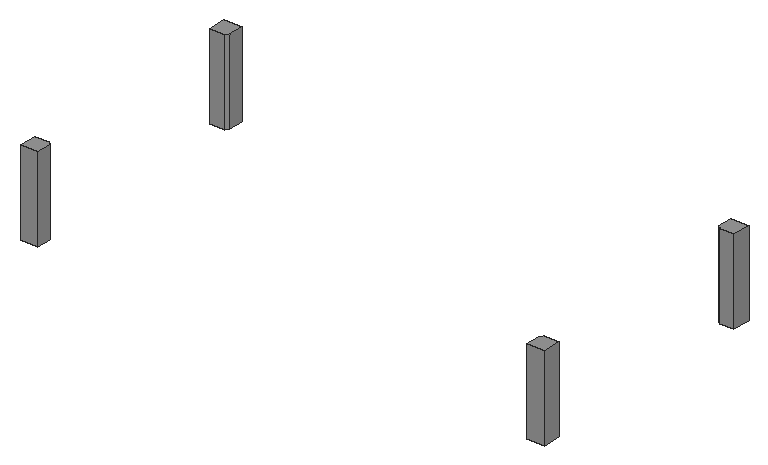
Revit family "Andreu World_Sistema SP_BM7217", category Mobiliario, Revit 2014
Parameters (values of type "BM-7217 H300 Beech")
  URL = "http://www.andreuworld.com/"
  Top Width = 900 mm
  Top Length = 1850 mm
  Referencia = "BM-7217"
  Modelo = "Sistema SP"
  Legs Height = 300 mm
  Legs = Andreu World SP
  Fabricante = "Andreu World"
  Descripción = "Table Legs."
Reference planes
  plane 1 "Centro (Frontal/Posterior)": y = 0
  plane 2: z = 0
  plane 3 "Centro (Izquierda/Derecha)": x = 0
  plane 4: x = -925
  plane 5: y = 450
  plane 6: x = 925
  plane 7: y = -450
  plane 8: z = 300
Forms (mm)
  Extrusion 1, solid, material "Andreu World SP" <- "Legs", detail levels medium+fine
    sketch origin (0, 0, 0) x (1, 0, 0) y (0, 1, 0)
      loop
        line (-925, 450) -> (-925, 388) -> (-873, 388) -> (-863, 398) -> (-863, 450) -> (-925, 450)
    from 0 to 300
  Extrusion 2, solid, material "Andreu World SP" <- "Legs", detail levels medium+fine
    sketch origin (-85, -110, 0) x (-1, 0, 0) y (0, -1, 0)
      loop
        line (-1010, -560) -> (-948, -560) -> (-948, -508) -> (-958, -498) -> (-1010, -498) -> (-1010, -560)
    from 0 to 300
  Extrusion 3, solid, material "Andreu World SP" <- "Legs", detail levels medium+fine
    sketch origin (50, 35, 0) x (1, 0, 0) y (0, 1, 0)
      loop
        line (-975, -485) -> (-913, -485) -> (-913, -433) -> (-923, -423) -> (-975, -423) -> (-975, -485)
    from 0 to 300
  Extrusion 4, solid, material "Andreu World SP" <- "Legs", detail levels medium+fine
    sketch origin (-150, 155, 0) x (-1, 0, 0) y (0, -1, 0)
      loop
        line (-1075, 605) -> (-1075, 543) -> (-1023, 543) -> (-1013, 553) -> (-1013, 605) -> (-1075, 605)
    from 0 to 300
Lines and regions (mm)
  model lines, detail levels coarse+medium
    curve 1: line (-863, 450, 0) -> (-925, 450, 0)
    curve 2: line (-925, 450, 0) -> (-925, 388, 0)
    curve 3: line (-925, 388, 0) -> (-873, 388, 0)
    curve 4: line (-873, 388, 0) -> (-863, 398, 0)
    curve 5: line (-863, 398, 0) -> (-863, 450, 0)
    curve 6: line (-873, -388, 0) -> (-925, -388, 0)
    curve 7: line (-863, -398, 0) -> (-873, -388, 0)
    curve 8: line (-863, -450, 0) -> (-863, -398, 0)
    curve 9: line (-925, -450, 0) -> (-863, -450, 0)
    curve 10: line (-925, -388, 0) -> (-925, -450, 0)
    curve 11: line (925, -450, 0) -> (925, -388, 0)
    curve 12: line (863, -450, 0) -> (925, -450, 0)
    curve 13: line (863, -398, 0) -> (863, -450, 0)
    curve 14: line (873, -388, 0) -> (863, -398, 0)
    curve 15: line (925, -388, 0) -> (873, -388, 0)
    curve 16: line (925, 450, 0) -> (863, 450, 0)
    curve 17: line (925, 388, 0) -> (925, 450, 0)
    curve 18: line (873, 388, 0) -> (925, 388, 0)
    curve 19: line (863, 398, 0) -> (873, 388, 0)
    curve 20: line (863, 450, 0) -> (863, 398, 0)
Dimensions and locks
  "Top Width": plane 5 to plane 7
  equal spacing: plane 5, plane 1 "Centro (Frontal/Posterior)", plane 7
  "Top Length": plane 4 to plane 6
  equal spacing: plane 4, plane 3 "Centro (Izquierda/Derecha)", plane 6
  locked: Extrusion 1 sketch curve to Extrusion 1 sketch curve at 62  (x2)
  locked: Extrusion 1 sketch curve to Extrusion 1 sketch curve at 10  (x2)
  "Legs Height": plane 8 to level
  locked: Extrusion 2 sketch curve to Extrusion 2 sketch curve at 62  (x2)
  locked: Extrusion 2 sketch curve to Extrusion 2 sketch curve at 10  (x2)
  locked: Extrusion 3 sketch curve to Extrusion 3 sketch curve at 62  (x2)
  locked: Extrusion 3 sketch curve to Extrusion 3 sketch curve at 10  (x2)
  locked: Extrusion 4 sketch curve to Extrusion 4 sketch curve at 62  (x2)
  locked: Extrusion 4 sketch curve to Extrusion 4 sketch curve at 10  (x2)
  aligned and locked: level to plane 2
  aligned and locked: Extrusion 1 sketch curve to plane 5
  aligned and locked: plane 4 to Extrusion 1 sketch curve
  aligned and locked: Extrusion 1 to level
  aligned and locked: plane 8 to Extrusion 1
  aligned and locked: plane 5 to Extrusion 2
  aligned and locked: plane 6 to Extrusion 2
  aligned and locked: Extrusion 3 to plane 7
  aligned and locked: Extrusion 3 to plane 4
  aligned and locked: Extrusion 4 to plane 7
  aligned and locked: plane 6 to Extrusion 4
  aligned and locked: Extrusion 2 to Extrusion 1
  aligned and locked: plane 8 to Extrusion 2
  aligned and locked: Extrusion 4 to Extrusion 1
  aligned and locked: Extrusion 3 to Extrusion 1
  aligned and locked: curve 1 to Extrusion 1
  aligned and locked: curve 2 to Extrusion 1
  aligned and locked: curve 3 to Extrusion 1
  aligned and locked: curve 4 to Extrusion 1
  aligned and locked: curve 5 to Extrusion 1
  aligned and locked: curve 6 to Extrusion 3
  aligned and locked: curve 7 to Extrusion 3
  aligned and locked: curve 8 to Extrusion 3
  aligned and locked: curve 9 to Extrusion 3
  aligned and locked: curve 10 to Extrusion 3
  aligned and locked: curve 11 to Extrusion 4
  aligned and locked: curve 12 to Extrusion 4
  aligned and locked: curve 13 to Extrusion 4
  aligned and locked: curve 14 to Extrusion 4
  aligned and locked: curve 15 to Extrusion 4
  aligned and locked: curve 16 to Extrusion 2
  aligned and locked: curve 17 to Extrusion 2
  aligned and locked: curve 18 to Extrusion 2
  aligned and locked: curve 19 to Extrusion 2
  aligned and locked: curve 20 to Extrusion 2
Automatic sketch dimensions
  Extrusion 2 sketch curve to plane 5 = 0 mm
  Extrusion 2 sketch curve to plane 6 = 0 mm
  Extrusion 3 sketch curve to plane 4 = 0 mm
  Extrusion 3 sketch curve to plane 7 = 0 mm
  Extrusion 4 sketch curve to plane 6 = 0 mm
  plane 7 to Extrusion 4 sketch curve = 0 mm
